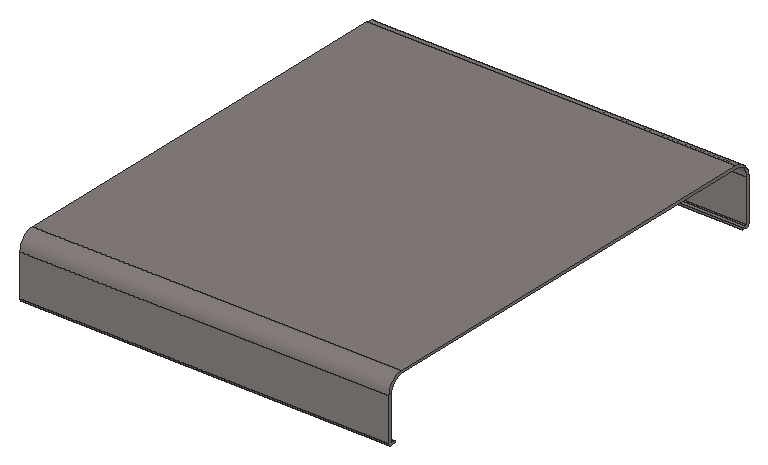
Revit family "FU_Bench_Sandler_Planina_PL9400", category Furniture, Revit 2020
Family settings
  OmniClass Number = 23.40.20.00
  OmniClass Title = General Furniture and Specialties
  Work Plane-Based = No
  Always vertical = Yes
  Cut with Voids When Loaded = No
  Shared = No
  Room Calculation Point = No
Parameters
  Width = 400 mm
  URL = "https://www.sandlerseating.com/product/pl94000/"
  Model = "PL94000"
  Manufacturer = "Sandler"
  Height = 450 mm
  Epoxy Finish = Epoxy - M2_M56
  Description = "Plania Epoxy Seat Tray. Assembly required"
  Depth = 487 mm
  Default Elevation = 0 mm
Reference planes
  plane 1 "Center (Front/Back)": y = 0
  plane 2: z = 0
  plane 3 "Center (Left/Right)": x = 0
  plane 4 "Right": x = -200
  plane 5 "Left": x = 200
  plane 6 "Back": y = 243.5
  plane 7 "Front": y = -243.5
  plane 8 "Height": z = 450
  plane 9 "Base height": z = 384
Forms (mm)
  Extrusion 1, solid, material "Epoxy - M2_M56" <- "Epoxy Finish"
    sketch origin (0, 0, 0) x (0, 1, 0) y (0, 0, 1)
      loop
        line (-241.508, 386.996) -> (-241.508, 433)
        arc (-241.508, 433) -> (-237.115, 443.607) -> (-226.508, 448) r 15
        line (-226.508, 448) -> (226.508, 448)
        arc (226.508, 448) -> (237.115, 443.607) -> (241.508, 433) r 15
        line (241.508, 433) -> (241.508, 386.996)
        arc (241.508, 386.996) -> (241.216, 386.292) -> (240.512, 386) r 0.996
        line (240.512, 386) -> (235.533, 386) -> (235.533, 384) -> (240.5, 384)
        arc (240.5, 384) -> (242.621, 384.879) -> (243.5, 387) r 3
        line (243.5, 387) -> (243.5, 433)
        arc (243.5, 433) -> (238.521, 445.021) -> (226.5, 450) r 17
        line (226.5, 450) -> (-226.5, 450)
        arc (-226.5, 450) -> (-238.521, 445.021) -> (-243.5, 433) r 17
        line (-243.5, 433) -> (-243.5, 387)
        arc (-243.5, 387) -> (-242.621, 384.879) -> (-240.5, 384) r 3
        line (-240.5, 384) -> (-235.533, 384) -> (-235.533, 386) -> (-240.512, 386)
        arc (-240.512, 386) -> (-241.216, 386.292) -> (-241.508, 386.996) r 0.996
    from -200 to 200
Dimensions and locks
  equal spacing: plane 4 "Right", plane 3 "Center (Left/Right)", plane 5 "Left"
  "Width": plane 4 "Right" to plane 5 "Left"
  equal spacing: plane 6 "Back", plane 1 "Center (Front/Back)", plane 7 "Front"
  "Depth": plane 6 "Back" to plane 7 "Front"
  "Height": plane 8 "Height" to level
  plane 9 "Base height" to level = 384 mm
  aligned and locked: level to plane 2
  aligned and locked: Extrusion 1 to plane 5 "Left"
  aligned and locked: plane 4 "Right" to Extrusion 1
Automatic sketch dimensions
  Extrusion 1 sketch curve to plane 7 "Front" = 0 mm
  Extrusion 1 sketch curve to plane 9 "Base height" = 0 mm  (x2)
  Extrusion 1 sketch curve to plane 8 "Height" = 0 mm
  Extrusion 1 sketch curve to plane 6 "Back" = 0 mm
  plane 7 "Front" to Extrusion 1 sketch curve = 1.992 mm
  Extrusion 1 sketch curve to Extrusion 1 sketch curve = 0.996 mm  (x2)
  Extrusion 1 sketch curve to Extrusion 1 sketch curve = 0.012 mm  (x2)
  plane 9 "Base height" to Extrusion 1 sketch curve = 2 mm  (x2)
  Extrusion 1 sketch curve to Extrusion 1 sketch curve = 4.98 mm
  Extrusion 1 sketch curve to Extrusion 1 sketch curve = 15 mm
  Extrusion 1 sketch curve to Extrusion 1 sketch curve = 0.008 mm  (x2)
  Extrusion 1 sketch curve to plane 6 "Back" = 17 mm
  Extrusion 1 sketch curve to plane 6 "Back" = 7.967 mm
  Extrusion 1 sketch curve to plane 6 "Back" = 3 mm
  Extrusion 1 sketch curve to Extrusion 1 sketch curve = 0 mm
